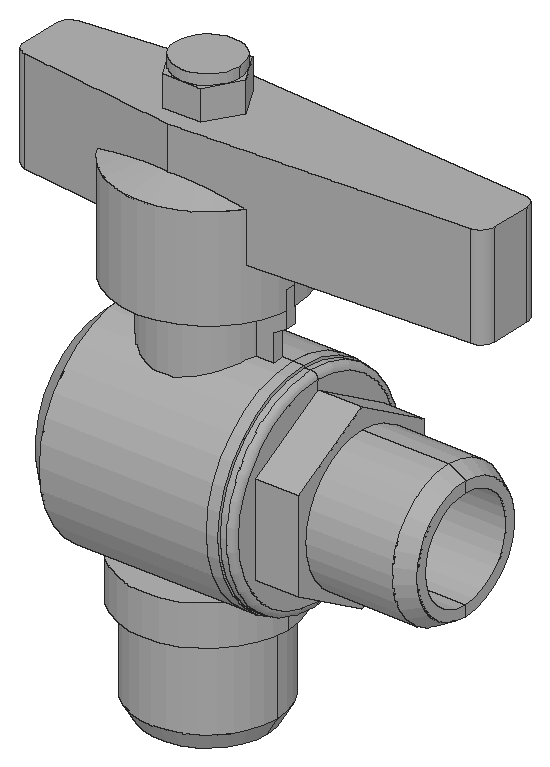
Revit family "QD01410000", category Apparecchi idraulici, Revit 2020
Family settings
  Quota connettore circolare = Usa diametro
  Tipo di parte = Normale
  Numero OmniClass = 23.45.00.00
  Titolo OmniClass = Sanitary, Laundry, and Cleaning Equipment
  Basato su piano di lavoro = No
  Sempre verticale = Sì
  Taglio con vuoti quando caricato = No
  Condiviso = No
  Punto di calcolo locali = No
Parameters
  URL = "https://web.cimberio.com/index.php/figura/1093?subcategoria_id=64"
  Temperatura di esercizio = "-20 ÷ 150°C"
  Prospetto di default = 0 mm
  Produttore = "CIMBERIO SPA"
  Pressione nominale = "PN 40"
  Modello = "Cim 232OT"
  Materiale = "Prodotto in lega di ottone conforme alla norma EN 12165-CW617N-DW"
  Descrizione = "Realizzato in ottemperanza ai requisiti gestionali della norma EN ISO 9001.\r\nUtilizzato per la regolazione della temperatura degli ambienti e comandare apparecchi degli impianti di riscaldamento e condizionamento."
  DN Model [instance] = QD01412102 : QD01412102
  DN [instance] = 15 mm
  Commenti sul tipo = "Utilizzato nei più svariati settori dell'impiantistica: impianti di riscaldamento, condizionamento, idrici, igienico-sanitari, aria compressa, reti di distribuzione oli, benzine, vapore saturo e in generale con ogni fluido non corrosivo"
Reference planes
  plane 1 "Centro (Fronte/Retro)": y = 0
  plane 2: z = 0
  plane 3 "Centro (Sinistra/Destra)": x = 0
Dimensions and locks
  aligned and locked: level to plane 2
Nested families
  nested 1: "QD01412102" at (0, 0, 0), type <- "DN Model", type "QD01412102"
  nested 2: "QD01412102" at (0, 0, 0), type <- "DN Model", type "QD01412102"
  nested 3: "QD01412102" at (0, 0, 0), type <- "DN Model", type "QD01412102"
Connectors
  piping at (38.35, 0, 0), diameter 15, driven by "DN"
    settings: on nested 1, index 1, connector inside diameter 609.6 mm, connector length 0 mm, flow factor 0, pipe flow 0.0 L/s, pressure drop 0.0 Pa, fitting loss kfactor 0, connector angle 0.00°, fixture units 0, engagement length 0 mm, angle of deflection 0.00°, flow configuration 0, flow direction 0, fitting loss method 0, system type 7, joint type 0, gender type 0, connector reference index -1, connector utility 0, adjustable connector no, is connector primary yes, connector description ""
  piping at (0, 0, -35), diameter 15, driven by "DN"
    settings: on nested 1, index 2, connector inside diameter 609.6 mm, connector length 0 mm, flow factor 0, pipe flow 0.0 L/s, pressure drop 0.0 Pa, fitting loss kfactor 0, connector angle 0.00°, fixture units 0, engagement length 0 mm, angle of deflection 0.00°, flow configuration 0, flow direction 0, fitting loss method 0, system type 7, joint type 0, gender type 0, connector reference index -1, connector utility 0, adjustable connector no, is connector primary no, connector description ""
Definition of nested family "QD01412102"
  Parameters (values of type "QD01412102")
    Default Elevation = 0 mm
  Reference planes
    plane 1 "Centro (Fronte/Retro)": y = 0
    plane 2: z = 0
    plane 3 "Centro (Sinistra/Destra)": x = 0
  Forms (mm)
    Revolve 1, solid
      sketch origin (0, 0, 0) x (1, 0, 0) y (0, 0, 1)
        loop
          line (-12.25, -16) -> (12.6, -16) -> (14.35, -16) -> (14.35, -7.5) -> (-8.955, -7.5) -> (-8.955, 0) -> (-15.5, 0) -> (-15.5, -12.75) -> (-12.25, -16)
        axis (-15.5, 0) -> (14.35, 0)
      angle from 0 to 360
    Extrusion 2, solid
      sketch origin (16, 0, 0) x (0, 0, 1) y (0, -1, 0)
        loop
          circle (0, 0) r 7.5
        loop
          line (13.5, 0) -> (6.75, 11.691) -> (-6.75, 11.691) -> (-13.5, 0) -> (-6.75, -11.691) -> (6.75, -11.691) -> (13.5, 0)
      from 0.35 to 6.85
    Extrusion 3, solid
      sketch origin (0, 0, 28.55) x (1, 0, 0) y (0, 1, 0)
        loop
          circle (0, 0) r 8.45
        loop
          circle (0, 0) r 6.348
      from -20.832 to 5.337
    Revolve 4, solid
      sketch origin (0, 0, 0) x (1, 0, 0) y (0, 0, 1)
        loop
          line (-13, 38.707) -> (-13, 23.483) -> (-8.92, 23.483) -> (-8.92, 33.247) -> (0, 33.247) -> (0, 40.8)
          arc (0, 40.8) -> (-6.59, 40.314) -> (-13, 38.707) r 38.42
        axis (0, 40.8) -> (0, 23.483)
      angle from 0 to 360
    Extrusion 5, void
      sketch origin (0, 0, 28.55) x (1, 0, 0) y (0, 1, 0)
        loop
          line (-8.682, 0) -> (-12.25, 0)
          arc (-12.25, 0) -> (-8.662, -8.662) -> (0, -12.25) r 12.25
          line (0, -12.25) -> (0, -7.437)
          arc (0, -7.437) -> (-5.627, -5.22) -> (-8.682, 0) r 9.25
      from -7.705 to 0.295
    Extrusion 6, solid
      sketch origin (0, 0, 46.5) x (0, 1, 0) y (-1, 0, 0)
        loop
          line (0, 5.6) -> (-4.85, 2.8) -> (-4.85, -2.8) -> (0, -5.6) -> (4.85, -2.8) -> (4.85, 2.8) -> (0, 5.6)
      from 0 to 4.5
    Extrusion 7, solid
      sketch origin (0, 0, 51) x (0, 1, 0) y (-1, 0, 0)
        loop
          circle (0, 0) r 4.75
      from 0 to 1.5
    Extrusion 8, solid
      sketch origin (0, 0, 51) x (0, 1, 0) y (-1, 0, 0)
        loop
          line (7.567, 0) -> (5.067, 23.214)
          arc (5.067, 23.214) -> (4.415, 24.488) -> (3.078, 25) r 2
          line (3.078, 25) -> (-2.945, 25)
          arc (-2.945, 25) -> (-4.281, 24.488) -> (-4.933, 23.214) r 2
          line (-4.933, 23.214) -> (-7.433, 0) -> (-4.933, -43.116)
          arc (-4.933, -43.116) -> (-4.309, -44.455) -> (-2.936, -45) r 2
          line (-2.936, -45) -> (3.07, -45)
          arc (3.07, -45) -> (4.443, -44.455) -> (5.067, -43.116) r 2
          line (5.067, -43.116) -> (7.567, 0)
      from -19.745 to -4.5
    Revolve 9, solid
      sketch origin (0, 0, 0) x (1, 0, 0) y (0, 0, 1)
        loop
          line (-16.5, 0) -> (-16.151, -10) -> (-15.162, -10) -> (-15.162, 0) -> (-16.5, 0)
        axis (-16.5, 0) -> (-15.162, 0)
      angle from 0 to 360
    Revolve 10, solid
      sketch origin (0, 0, 0) x (1, 0, 0) y (0, 0, 1)
        loop
          arc (16.35, 14.749) -> (16.058, 15.457) -> (15.35, 15.75) r 1
          line (15.35, 15.75) -> (14.35, 15.75) -> (14.35, 7.5) -> (16.35, 7.5) -> (16.35, 14.749)
        axis (14.35, 0) -> (16.35, 0)
      angle from 0 to 360
    Revolve 11, solid
      sketch origin (0, 0, 0) x (1, 0, 0) y (0, 0, 1)
        loop
          line (-12, -14) -> (-12, -20) -> (0, -20) -> (0, -14) -> (-12, -14)
        axis (0, -14) -> (0, -20)
      angle from 0 to 360
    Extrusion 12, solid
      sketch origin (0, 0, 0) x (-1, 0, 0) y (0, 0, -1)
        loop
          line (-13, -26.345) -> (-6.613, -26.345) -> (-6.613, -11.799) -> (-11, -11.799) -> (-11, -19.89) -> (-13, -21.045) -> (-13, -26.345)
      from 0 to 1.497
    Revolve 13, solid
      sketch origin (0, 0, 0) x (1, 0, 0) y (0, 0, 1)
        loop
          line (-10.375, -32.47) -> (-8.914, -35) -> (-7.5, -35) -> (-7.5, -20) -> (-10.375, -20) -> (-10.375, -32.47)
        axis (0, -20) -> (0, -35)
      angle from 0 to 360
    Revolve 14, solid
      sketch origin (0, 0, 0) x (1, 0, 0) y (0, 0, 1)
        loop
          line (38.35, 9.007) -> (35.85, 10.45) -> (22.85, 10.45) -> (22.85, 7.5) -> (38.35, 7.5) -> (38.35, 9.007)
        axis (22.85, 0) -> (38.35, 0)
      angle from 0 to 360
  Cuts and joins
    Extrusion 5 cuts Revolve 4
    joined: Revolve 1, Extrusion 3
  Dimensions and locks
    aligned and locked: level to plane 2
